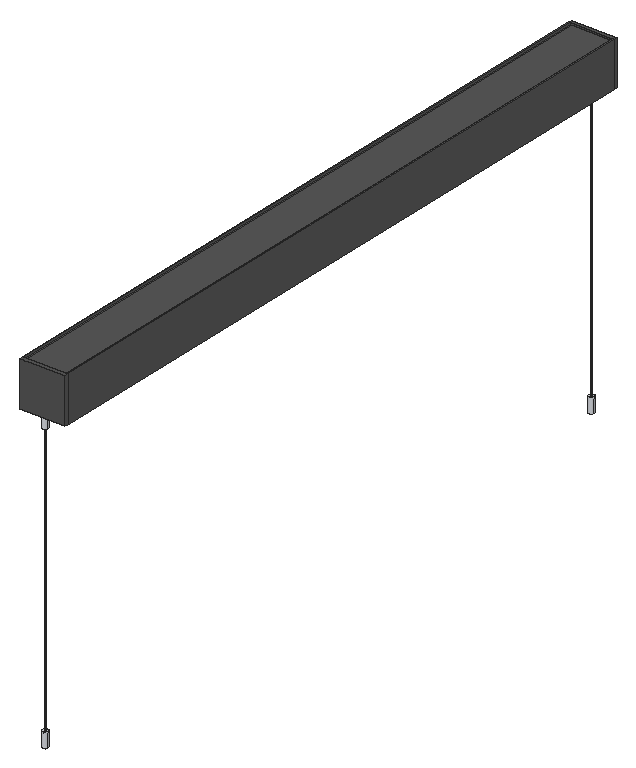
Revit family "EOS3.0m-P-DI", category Lighting Fixtures, host Face, Revit 2018
Family settings
  Host = Face
  Round Connector Dimension = Use Diameter
  Part Type = Normal
  Cut with Voids When Loaded = No
  Light Source = Yes
  Shared = Yes
  Room Calculation Point = Yes
Parameters (values of type "4' Direct/ Indirect")
  Wattage = 35.2941 W
  built-in parameter 1150110 = 1 (stored number, unit not read)
  Voltage = 0 V
  built-in parameter 1114217 = 1 (stored number, unit not read)
  Tilt Angle = 90.00°
  built-in parameter 1150109 = 1 (stored number, unit not read)
  built-in parameter 1150134 = 12
  Switch Leg Visibility = no
  Switch Leg [instance] = ""
  Suspension Length [instance] = 2' - 0"
  built-in parameter 1150113 = 1 (stored number, unit not read)
  Photometric Web File = "EOS3.0-P-DI_375_375_4_40K_8.ies"
  Material [instance] = LUX ILLUMINAIRE Black
  built-in parameter 1150105 = 238.73 (stored number, unit not read)
  Lumens = 3000 lm
  built-in parameter 1150115 = 1 (stored number, unit not read)
  built-in parameter 1150137 = (empty or 0)
  built-in parameter 1150139 = (empty or 0)
  built-in parameter 1150112 = 1 (stored number, unit not read)
  built-in parameter 1150114 = 1 (stored number, unit not read)
  Lamp = "LED"
  built-in parameter 1150132 = 2
  built-in parameter 1150102 = (empty or 0)
  built-in parameter 1150107 = 4000 (stored number, unit not read)
  built-in parameter 1150138 = (empty or 0)
  built-in parameter 1150106 = 2.3873 (stored number, unit not read)
  Fixture Width = 0' - 3 19/128"  # constant formula
  Fixture Symbol Visiblity = yes
  Fixture Length = 4' - 0"
  Emit from Rectangle Width = Fixture Width - 0' 0 1/4"  # 0' - 2 115/128"
  Emit from Rectangle Length = Fixture Length  # 4' - 0"
  Emit Shape Visible in Rendering = yes
  Emergency Lighting [instance] = no
  built-in parameter 1150104 = 7.8968 (stored number, unit not read)
  Dimming Lamp Color Temperature Shift = <None>
  Default Elevation = 4' - 0"
  Color Filter = 16777215
  built-in parameter 1140040 [instance] = 1
  built-in parameter 1114218 = 1 (stored number, unit not read)
  built-in parameter 1150133 = 10 (stored number, unit not read)
  Apparent Load = 24 VA
Types (6): name | Wattage | built-in parameter 1150105 | Lumens | built-in parameter 1150106 | Fixture Length | Emit from Rectangle Length | Apparent Load
  3' Direct/ Indirect | 26.4706 W | 179.05 (stored number, unit not read) | 2250 lm | 1.7905 (stored number, unit not read) | 3' - 0" | 3' - 0" | 18 VA
  4' Direct/ Indirect | 35.2941 W | 238.73 (stored number, unit not read) | 3000 lm | 2.3873 (stored number, unit not read) | 4' - 0" | 4' - 0" | 24 VA
  5' Direct/ Indirect | 44.1176 W | 298.42 (stored number, unit not read) | 3750 lm | 2.9842 (stored number, unit not read) | 5' - 0" | 5' - 0" | 30 VA
  6' Direct/ Indirect | 52.9412 W | 358.1 (stored number, unit not read) | 4500 lm | 3.581 (stored number, unit not read) | 6' - 0" | 6' - 0" | 36 VA
  7' Direct/ Indirect | 61.7647 W | 417.78 (stored number, unit not read) | 5250 lm | 4.1778 (stored number, unit not read) | 7' - 0" | 7' - 0" | 42 VA
  8' Direct/ Indirect | 70.5882 W | 477.46 (stored number, unit not read) | 6000 lm | 4.7746 (stored number, unit not read) | 8' - 0" | 8' - 0" | 48 VA
Reference planes (in)
  plane 1 "Center (Front/Back)": y = 0
  plane 2: z = 0
  plane 3 "Center (Left/Right)": x = 0
  plane 4: x = 1.57422
  plane 5: x = -1.57422
  plane 6: y = 24
  plane 7: y = -24
  plane 8: z = 24
  plane 9: y = 24.25
  plane 10: y = -24.25
  plane 11: z = 1
  plane 12: z = 20.85
  plane 13: z = 20.1
Forms (in)
  Extrusion 1, solid, material "LUX ILLUMINAIRE Black" <- "Material"
    sketch origin (0, 0, 0) x (1, 0, 0) y (0, 0, 1)
      loop
        line (-1.57447, 20.8485) -> (-0.437, 20.8485) -> (0.438, 20.8485) -> (1.57548, 20.8485) -> (1.57548, 24) -> (1.49049, 24) -> (1.49049, 23.887) -> (1.3385, 23.90497) -> (-1.33792, 23.90497) -> (-1.48948, 23.887) -> (-1.48948, 24) -> (-1.57447, 24) -> (-1.57447, 20.8485)
    from -24 to 24
  Extrusion 2, solid, material "LUX ILLUMINAIRE Black" <- "Material"
    sketch origin (0, 0, 0) x (1, 0, 0) y (0, 0, 1)
      loop
        line (-1.57447, 24) -> (-1.57447, 20.8485) -> (-0.437, 20.8485) -> (0.438, 20.8485) -> (1.57548, 20.8485) -> (1.57548, 24) -> (-1.57447, 24)
    from 24 to 24.25
  Extrusion 3, solid
    sketch origin (0, 0, 0) x (1, 0, 0) y (0, 1, 0)
      loop
        circle (0.00029, -24) r 0.1875
    from 0 to 1
  Extrusion 4, solid
    sketch origin (0, 0, 0) x (1, 0, 0) y (0, 1, 0)
      loop
        circle (0.0005, -24) r 0.03125
    from 1 to 20.1
  Extrusion 5, solid
    sketch origin (0, 0, 0) x (1, 0, 0) y (0, 1, 0)
      loop
        circle (0.0005, -24) r 0.18729
    from 20.1 to 20.85
  Extrusion 6, solid, not visible
    sketch origin (0, 0, 0) x (1, 0, 0) y (0, 1, 0)
      loop
        circle (0.00029, -24) r 0.1875
    from 0 to 1
  Extrusion 7, solid, not visible
    sketch origin (0, 0, 0) x (1, 0, 0) y (0, 1, 0)
      loop
        circle (0.0005, -24) r 0.03125
    from 1 to 13.33203
  Extrusion 8, solid, not visible
    sketch origin (0, 0, 0) x (1, 0, 0) y (0, 1, 0)
      loop
        circle (0.0005, -24) r 0.18729
    from 13.33203 to 14.08203
  Extrusion 9, solid, material "LUX ILLUMINAIRE Black" <- "Material"
    sketch origin (0.00056, 24, 0) x (1, 0, 0) y (0, 0, -1)
      loop
        line (-1.57478, -24) -> (1.57366, -24) -> (1.57366, -20.8485) -> (0.438, -20.8485) -> (-0.437, -20.8485) -> (-1.57478, -20.8485) -> (-1.57478, -24)
    from 0 to 0.25
  Extrusion 10, solid
    sketch origin (0, 0, 0) x (1, 0, 0) y (0, 1, 0)
      loop
        circle (0.00029, 24) r 0.1875
    from 0 to 1
  Extrusion 11, solid
    sketch origin (0, 0, 0) x (1, 0, 0) y (0, 1, 0)
      loop
        circle (0.0005, 24) r 0.03125
    from 1 to 20.1
  Extrusion 12, solid
    sketch origin (0, 0, 0) x (1, 0, 0) y (0, 1, 0)
      loop
        circle (0.0005, 24) r 0.18729
    from 20.1 to 20.85
Lines and regions (in)
  symbolic lines, visible <- "Fixture Symbol Visiblity"
    curve 1: line (-1.57422, 24, 0) -> (1.57422, 24, 0)
    curve 2: line (-1.57422, -24, 0) -> (-1.57422, 24, 0)
    curve 3: line (1.57422, -24, 0) -> (-1.57422, -24, 0)
    curve 4: line (1.57422, 24, 0) -> (1.57422, -24, 0)
Dimensions and locks (in)
  plane 5 to plane 4 = 0' - 3 19/128"
  equal spacing: plane 7, plane 1 "Center (Front/Back)", plane 6
  "Fixture Length": plane 7 to plane 6
  plane 8 to host face = 2' - 0"
  locked: plane 6 to plane 9 at 0.25
  locked: plane 10 to plane 7 at 0.25
  "Suspension Length": plane 8 to level
  "Fixture Width": plane 4 to plane 5
  equal spacing: plane 4, plane 3 "Center (Left/Right)", plane 5
  locked: nested 2 to plane 10 at 9.5
  locked: nested 3 to Extrusion 1 at 0.09086
  plane 8 to plane 12 to plane 13 = 0' - 3.15" locked, 0' - 0 3/4" locked
  locked: plane 8 to imposter light at 0.05558
  aligned and locked: plane 2 to host face
  aligned and locked: level to host face
  aligned and locked: Extrusion 9 to plane 5
  aligned and locked: plane 4 to Extrusion 9
  aligned and locked: plane 6 to Extrusion 9
  aligned and locked: Extrusion 1 to plane 6
  aligned and locked: plane 10 to Extrusion 2
  aligned and locked: Extrusion 2 to plane 7
  aligned and locked: plane 7 to Extrusion 1
  aligned and locked: Extrusion 9 to plane 9
  aligned and locked: plane 12 to Extrusion 12
  aligned and locked: Extrusion 12 to plane 13
  aligned and locked: plane 13 to Extrusion 11
  aligned and locked: plane 12 to Extrusion 5
  aligned and locked: Extrusion 5 to plane 13
  aligned and locked: plane 13 to Extrusion 4
  aligned and locked: plane 7 to nested 1
  aligned and locked: plane 6 to curve 1
  aligned and locked: plane 5 to curve 2
  aligned and locked: curve 3 to plane 7
  aligned and locked: curve 4 to plane 4
  aligned and locked: nested 1 to plane 6
  aligned and locked: plane 8 to Extrusion 9
  aligned and locked: plane 8 to Extrusion 2
Automatic sketch dimensions
  host sketch curve to host sketch curve = 8' - 0"  (x2)
  Extrusion 1 sketch curve to plane 5 = 0' - 0.00025"
  plane 5 to Extrusion 1 sketch curve = 0' - 0.08474"  (x2)
  Extrusion 1 sketch curve to plane 8 = 0' - 0.113"  (x2)
  Extrusion 1 sketch curve to plane 8 = 0' - 0.09503"  (x2)
  Extrusion 1 sketch curve to Extrusion 1 sketch curve = 0' - 0.15157"
  Extrusion 1 sketch curve to plane 12 = 0' - 0.0015"
  Extrusion 1 sketch curve to plane 3 "Center (Left/Right)" = 0' - 0.437"
  plane 3 "Center (Left/Right)" to Extrusion 1 sketch curve = 0' - 0.438"
  Extrusion 1 sketch curve to plane 4 = 0' - 0.23572"
  Extrusion 1 sketch curve to plane 4 = 0' - 0.08373"  (x2)
  plane 4 to Extrusion 1 sketch curve = 0' - 0.00126"
  plane 8 to Extrusion 1 sketch curve = 0' - 0"  (x2)
  Extrusion 1 sketch curve to Extrusion 1 sketch curve = 0' - 0"  (x2)
  Extrusion 2 sketch curve to plane 5 = 0' - 0.00025"
  Extrusion 2 sketch curve to plane 12 = 0' - 0.0015"
  Extrusion 2 sketch curve to plane 3 "Center (Left/Right)" = 0' - 0.437"
  plane 3 "Center (Left/Right)" to Extrusion 2 sketch curve = 0' - 0.438"
  plane 4 to Extrusion 2 sketch curve = 0' - 0.00126"
  plane 8 to Extrusion 2 sketch curve = 0' - 0"
  plane 5 to Extrusion 9 sketch curve = 0' - 0"
  Extrusion 9 sketch curve to plane 12 = 0' - 0.0015"
  Extrusion 9 sketch curve to plane 3 "Center (Left/Right)" = 0' - 0.43644"
  plane 3 "Center (Left/Right)" to Extrusion 9 sketch curve = 0' - 0.43856"
  plane 4 to Extrusion 9 sketch curve = 0' - 0"
  plane 8 to Extrusion 9 sketch curve = 0' - 0"
  plane 7 to Extrusion 3 sketch curve = 0' - 0"
  plane 3 "Center (Left/Right)" to Extrusion 3 sketch curve = 0' - 0.00029"
  plane 7 to Extrusion 4 sketch curve = 0' - 0"
  plane 3 "Center (Left/Right)" to Extrusion 4 sketch curve = 0' - 0.0005"
  plane 7 to Extrusion 5 sketch curve = 0' - 0"
  plane 3 "Center (Left/Right)" to Extrusion 5 sketch curve = 0' - 0.0005"
  plane 6 to Extrusion 10 sketch curve = 0' - 0"
  plane 3 "Center (Left/Right)" to Extrusion 10 sketch curve = 0' - 0.00029"
  plane 6 to Extrusion 11 sketch curve = 0' - 0"
  plane 3 "Center (Left/Right)" to Extrusion 11 sketch curve = 0' - 0.0005"
  plane 6 to Extrusion 12 sketch curve = 0' - 0"
  plane 3 "Center (Left/Right)" to Extrusion 12 sketch curve = 0' - 0.0005"
  radius of Extrusion 3 sketch curve = 0' - 0 3/16"
  radius of Extrusion 4 sketch curve = 0' - 0 1/32"
  radius of Extrusion 5 sketch curve = 0' - 0.18729"
  radius of Extrusion 6 sketch curve = 0' - 0 3/16"
  radius of Extrusion 7 sketch curve = 0' - 0 1/32"
  radius of Extrusion 8 sketch curve = 0' - 0.18729"
  radius of Extrusion 10 sketch curve = 0' - 0 3/16"
  radius of Extrusion 11 sketch curve = 0' - 0 1/32"
  radius of Extrusion 12 sketch curve = 0' - 0.18729"
Nested families (in)
  nested 1: "Emergency Symbol Rectangle" at (-10.88584, 0, 0) x (0, 1, 0) z (0, 0, 1), visible <- "Emergency Lighting", type "Emergency Symbol Rectangle"
    with Width 0' - 8.52168", Length 4' - 0"
  nested 2: "Switch Leg Annotation" at (9.99627, -14.75, 0) x (0, 1, 0) z (0, 0, 1), visible <- "Switch Leg Visibility", Switch Leg Annotation <- "Switch Leg", type "Switch Leg Annotation"
    with Switch Leg Annotation ""
  nested 3: "Indirect Light Source 2" at (-8.67032, 0.00882, -33.24236) x (0, 1, 0) z (0, 0, 1), type "Indirect Light Source 2"
Connectors (in)
  electrical at (0.00029, 24, 0), driven by "Apparent Load", driven by "Voltage"
    settings: on Extrusion 10, index 1, voltage 0 V, apparent load 0 VA, apparent load phase1 24 VA, apparent load phase2 0 VA, apparent load phase3 0 VA, power factor 1, load classification "Other", number of poles 1, system type 31, power factor state 1, is connector primary yes, connector utility no, sub classification motor no, connector description ""
Definition of nested family "Emergency Symbol Rectangle"
  Parameters (values of type "Emergency Symbol Rectangle")
    Width [instance] = 0' - 8 1/2"
    Length [instance] = 5' - 0"
    Emergency Visibility = no
  Reference planes (in)
    plane 1 "Center (Front/Back)": y = -7.75
    plane 2: z = 0
    plane 3 "Center (Left/Right)": x = -24
    plane 4: x = 24
    plane 5: x = -36
    plane 6: y = -3.5
    plane 7: y = -12
  Lines and regions (in)
    Filled region 1, type "Solid Fill - Black", in view "Ref. Level", detail levels coarse+medium
      outline origin (0, 0.25, 0) x (1, 0, 0) y (0, 1, 0)
        loop
          line (-36, -12.25) -> (24, -12.25) -> (-36, -10.125) -> (-36, -12.25)
  Dimensions and locks (in)
    equal spacing: plane 7, plane 1 "Center (Front/Back)", plane 6
    "Width": plane 7 to plane 6
    "Length": plane 5 to plane 4
    aligned and locked: plane 5 to Filled region 1
  Automatic sketch dimensions
    plane 1 "Center (Front/Back)" to Filled region 1 sketch curve = 0' - 2 1/8"
    Filled region 1 sketch curve to plane 3 "Center (Left/Right)" = 1' - 0"
    Filled region 1 sketch curve to plane 4 = 0' - 0"
    Filled region 1 sketch curve to plane 7 = 0' - 0"
Definition of nested family "Switch Leg Annotation"
  Parameters (values of type "Switch Leg Annotation")
    Switch Leg Annotation [instance] = ""
  Reference planes (in)
    plane 1: y = 0
    plane 2: x = 0
  Text (in)
    label "a" at (0.00527, 0.01239, 0), shows "Switch Leg Annotation"
Definition of nested family "Indirect Light Source 2"
  Parameters (values of type "Indirect Light Source 2")
    Wattage = 20 W
    built-in parameter 1150110 = 1 (stored number, unit not read)
    built-in parameter 1114217 = 1 (stored number, unit not read)
    built-in parameter 1150109 = 1 (stored number, unit not read)
    built-in parameter 1150134 = (empty or 0)
    built-in parameter 1150113 = 1 (stored number, unit not read)
    Lumens = 1700 lm
    built-in parameter 1150115 = 1 (stored number, unit not read)
    built-in parameter 1150105 = 541.13 (stored number, unit not read)
    Light Source Symbol Size = 2' - 0"
    built-in parameter 1150137 = (empty or 0)
    built-in parameter 1150139 = (empty or 0)
    built-in parameter 1150112 = 1 (stored number, unit not read)
    built-in parameter 1150114 = 1 (stored number, unit not read)
    built-in parameter 1150132 = (empty or 0)
    built-in parameter 1150102 = (empty or 0)
    built-in parameter 1150138 = (empty or 0)
    built-in parameter 1150107 = 3500 (stored number, unit not read)
    built-in parameter 1150106 = 5.4113 (stored number, unit not read)
    Emit from Rectangle Width = 0' - 2 115/128"
    Emit from Rectangle Length = 4' - 0"
    Emit Shape Visible in Rendering = yes
    built-in parameter 1150104 = 7.8968 (stored number, unit not read)
    Dimming Lamp Color Temperature Shift = (empty or 0)
    Color Filter = 16777215
    built-in parameter 1114218 = 1 (stored number, unit not read)
    built-in parameter 1150133 = 10 (stored number, unit not read)
  Reference planes (in)
    plane 1 "Light Source Axis (F/B)": y = -8.60801
    plane 2: z = 0
    plane 3 "Light Source Axis (L/R)": x = 0
    plane 4 "Light Source Elevation": z = 54
    plane 5: z = 0
  Lines and regions (in)
    model lines
      curve 1: line (-22, -8.60801, 54) -> (21, -8.60801, 54)
  Dimensions and locks (in)
    aligned and locked: plane 3 "Light Source Axis (L/R)" to imposter light
    aligned and locked: level to plane 5
